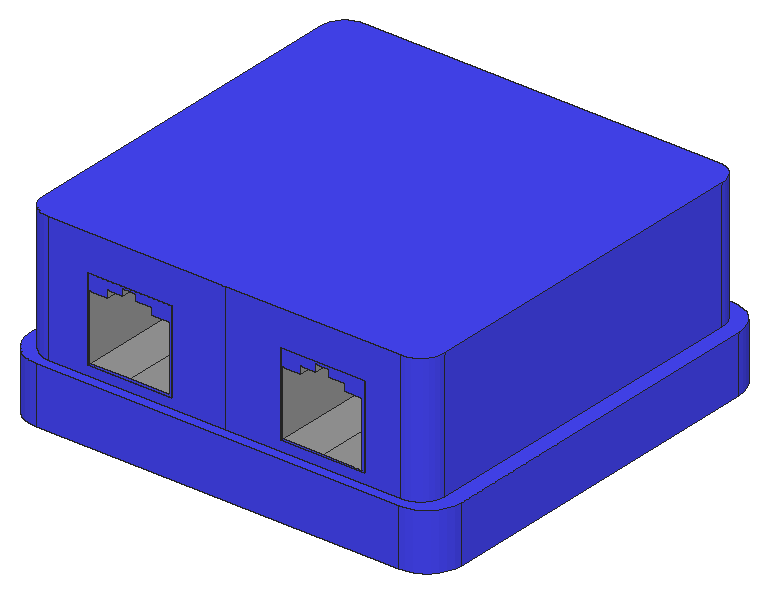
Revit family "ITK_Розетка информационная GENERICA_Настенная_2 порта_IP20", category Обобщенные модели, Revit 2019
Family settings
  Может служить основой для арматурных стержней = Нет
  Размер круглого соединителя = Использовать диаметр
  Тип детали = Нормальный
  На основе рабочей плоскости = Нет
  Всегда вертикально = Да
  При загрузке вырезать с полостями = Нет
  Общий = Нет
  Точка расчета площади = Нет
Parameters (values of type "Категория 5E_UTP")
  Ширина = 62 mm  # constant formula
  Степень защиты = "IP20"  # constant formula
  Материал = Окраска - RAL 9005
  Изготовитель = "ITK"  # constant formula
  Дата изменения = ""
  Глубина = 60 mm  # constant formula
  Высота = 26.5 mm  # constant formula
  URL = "https://www.iek.ru/"
  KSI_CPr_Строительные изделия = ""
  KSI_CMa_Строительные материалы = "01.7.14.03"  # constant formula
  IEK_Цена за единицу = 194.39
  IEK_Поиск в таблице имен = ""
  IEK_Описание = "Используется для подключения оконечного оборудования пользователей на рабочих местах к информационной сети."
  IEK_URL = "https://generica.su/catalog/?page=detail&article=CS2-1C5EU-22-G"
  ADSK_Примечание = ""
  ADSK_Позиция [instance] = ""
  ADSK_Наименование = "Розетка инф. настенная RJ45 кат. 5Е UTP 2 порта GENERICA"
  ADSK_Материал обозначение = ""
  ADSK_Материал наименование = "АБС-пластик"  # constant formula
  ADSK_Масса = 0
  ADSK_Марка = ""  # constant formula
  ADSK_Код изделия = "CS2-1C5EU-22-G"
  ADSK_Завод-изготовитель = "IEK"  # constant formula
  ADSK_Единица измерения = "шт"  # constant formula
  ADSK_Группирование = "I. ЩИТЫ И ПУЛЬТЫ"  # constant formula
  ADSK_Версия семейства = "1.0"  # constant formula
  ADSK_Версия Revit = "2019"  # constant formula
  ADSK_URL страницы изделия = "https://generica.su/catalog/?page=section&id=4935"
Types (2, lengths in mm): name | IEK_Цена за единицу | IEK_URL | ADSK_Наименование | ADSK_Код изделия
  Категория 5E_FTP | 261.2 | "https://generica.su/catalog/?page=detail&article=CS2-1C5EF-22-G" | "Розетка инф. настенная RJ45 кат. 5Е FTP 2 порта GENERICA" | "CS2-1C5EF-22-G"
  Категория 5E_UTP | 194.39 | "https://generica.su/catalog/?page=detail&article=CS2-1C5EU-22-G" | "Розетка инф. настенная RJ45 кат. 5Е UTP 2 порта GENERICA" | "CS2-1C5EU-22-G"
Reference planes
  plane 1 "По центру (Вперед/Назад)": y = -5.683
  plane 2: z = 0
  plane 3 "По центру (Влево/Вправо)": x = 0
  plane 4: y = 24.317
  plane 5: y = -35.683
  plane 6: x = -31
  plane 7: x = 31
  plane 8: z = 26.5
Forms (mm)
  Extrusion 1, solid, material "Пластик белый", detail levels fine
    sketch origin (0, 0, 0) x (1, 0, 0) y (0, 1, 0)
      loop
        line (-31, 19.119) -> (-31, -30.683)
        arc (-31, -30.683) -> (-29.536, -34.219) -> (-26, -35.683) r 5
        line (-26, -35.683) -> (26, -35.683)
        arc (26, -35.683) -> (29.536, -34.219) -> (31, -30.683) r 5
        line (31, -30.683) -> (31, 19.119)
        arc (31, 19.119) -> (29.536, 22.655) -> (26, 24.119) r 5
        line (26, 24.119) -> (-26, 24.119)
        arc (-26, 24.119) -> (-29.536, 22.655) -> (-31, 19.119) r 5
    from 8.1 to 0
  Extrusion 2, void
    sketch origin (0, 0, 0) x (1, 0, 0) y (0, 1, 0)
      loop
        line (-29.024, 19.091) -> (-29.024, -30.654)
        arc (-29.024, -30.654) -> (-27.99, -33.15) -> (-25.495, -34.183) r 3.529
        line (-25.495, -34.183) -> (-0.469, -34.183) -> (25.102, -34.183)
        arc (25.102, -34.183) -> (27.597, -33.15) -> (28.63, -30.654) r 3.529
        line (28.63, -30.654) -> (28.63, 19.091)
        arc (28.63, 19.091) -> (27.597, 21.586) -> (25.102, 22.619) r 3.529
        line (25.102, 22.619) -> (-25.495, 22.619)
        arc (-25.495, 22.619) -> (-27.99, 21.586) -> (-29.024, 19.091) r 3.529
    from 8.1 to 2
  Extrusion 3, solid, material "Пластик белый", detail levels fine
    sketch origin (0, 0, 0) x (1, 0, 0) y (0, 1, 0)
      loop
        arc (-29.024, -30.654) -> (-27.99, -33.15) -> (-25.495, -34.183) r 3.529
        line (-25.495, -34.183) -> (0.005, -34.183) -> (25.102, -34.183)
        arc (25.102, -34.183) -> (27.597, -33.15) -> (28.63, -30.654) r 3.529
        line (28.63, -30.654) -> (28.63, 19.091)
        arc (28.63, 19.091) -> (27.597, 21.586) -> (25.102, 22.619) r 3.529
        line (25.102, 22.619) -> (-25.495, 22.619)
        arc (-25.495, 22.619) -> (-27.99, 21.586) -> (-29.024, 19.091) r 3.529
        line (-29.024, 19.091) -> (-29.024, -30.654)
    from 2 to 26.5
  Extrusion 4, void
    sketch origin (0, 0, 0) x (1, 0, 0) y (0, 1, 0)
      loop
        line (-26.867, 19.317) -> (-26.867, -30.683)
        arc (-26.867, -30.683) -> (-26.281, -32.097) -> (-24.867, -32.683) r 2
        line (-24.867, -32.683) -> (24.459, -32.683)
        arc (24.459, -32.683) -> (25.873, -32.097) -> (26.459, -30.683) r 2
        line (26.459, -30.683) -> (26.459, 19.317)
        arc (26.459, 19.317) -> (25.873, 20.731) -> (24.459, 21.317) r 2
        line (24.459, 21.317) -> (-24.867, 21.317)
        arc (-24.867, 21.317) -> (-26.281, 20.731) -> (-26.867, 19.317) r 2
    from 2 to 23.5
  Extrusion 5, void
    sketch origin (0, -5.683, 0) x (1, 0, 0) y (0, 0, 1)
      loop
        line (-7.8, 9.5) -> (-7.8, 21.35) -> (-19.9, 21.35) -> (-19.9, 9.5) -> (-7.8, 9.5)
      loop
        line (7.8, 9.5) -> (19.9, 9.5) -> (19.9, 21.35) -> (7.8, 21.35) -> (7.8, 9.5)
    from 27 to 28.5
  Extrusion 6, solid, material "Окраска - RAL 9005" <- "Материал", detail levels fine
    sketch origin (0, -5.683, 0) x (1, 0, 0) y (0, 0, 1)
      loop
        line (-7.8, 21.35) -> (-19.9, 21.35) -> (-19.9, 9.5) -> (-7.8, 9.5) -> (-7.8, 21.35)
      loop
        line (7.8, 9.5) -> (19.9, 9.5) -> (19.9, 21.35) -> (7.8, 21.35) -> (7.8, 9.5)
    from -7.773 to 28.5
  Extrusion 7, void
    sketch origin (0, -5.683, 0) x (1, 0, 0) y (0, 0, 1)
      loop
        line (-13.85, 21.092) -> (-14.78, 21.092) -> (-14.78, 20.124) -> (-16.986, 20.124) -> (-16.986, 19.075) -> (-19.541, 19.075) -> (-19.541, 9.742) -> (-13.85, 9.742) -> (-8.159, 9.742) -> (-8.159, 19.075) -> (-10.714, 19.075) -> (-10.714, 20.124) -> (-12.92, 20.124) -> (-12.92, 21.092) -> (-13.85, 21.092)
      loop
        line (13.85, 21.092) -> (12.92, 21.092) -> (12.92, 20.124) -> (10.714, 20.124) -> (10.714, 19.075) -> (8.159, 19.075) -> (8.159, 9.742) -> (13.85, 9.742) -> (19.541, 9.742) -> (19.541, 19.075) -> (16.986, 19.075) -> (16.986, 20.124) -> (14.78, 20.124) -> (14.78, 21.092) -> (13.85, 21.092)
    from 2 to 28.5
  Extrusion 8, solid, material "Условный материал-отделка", detail levels coarse+medium
    sketch origin (0, 0, 0) x (1, 0, 0) y (0, 1, 0)
      loop
        line (-31, 24.317) -> (-31, -35.683) -> (31, -35.683) -> (31, 24.317) -> (-31, 24.317)
    from 0 to 26.5 <- "Высота"
  Extrusion 9, void
    sketch origin (0, -5.683, 0) x (1, 0, 0) y (0, 0, 1)
      loop
        line (0, 6.029) -> (3.022, 6.029) -> (3.022, 11.986)
        arc (3.022, 11.986) -> (0, 15.008) -> (-3.022, 11.986) r 3.022
        line (-3.022, 11.986) -> (-3.022, 6.029) -> (0, 6.029)
    from -27 to -34.337
Cuts and joins
  Extrusion 2, Extrusion 4 cuts Extrusion 1
  Extrusion 4, Extrusion 5, Extrusion 9 cuts Extrusion 3
  Extrusion 7 cuts Extrusion 6
  Extrusion 9 cuts Extrusion 8
Dimensions and locks
  equal spacing: plane 4, plane 1 "По центру (Вперед/Назад)", plane 5
  "Глубина": plane 4 to plane 5
  equal spacing: plane 6, plane 3 "По центру (Влево/Вправо)", plane 7
  "Ширина": plane 6 to plane 7
  "Высота": plane 8 to level
  aligned and locked: level to plane 2
  aligned and locked: Extrusion 1 to plane 5
  aligned and locked: Extrusion 5 to cut or joined group of Extrusion 3, Extrusion 4, Extrusion 5, Extrusion 9
  aligned and locked: Extrusion 6 sketch curve to cut or joined group of Extrusion 3, Extrusion 4, Extrusion 5, Extrusion 9  (x8)
  aligned and locked: Extrusion 1 to plane 6
  aligned and locked: plane 7 to Extrusion 1
  aligned and locked: Extrusion 3 to cut or joined group of Extrusion 1, Extrusion 2, Extrusion 4
  aligned and locked: Extrusion 2 to cut or joined group of Extrusion 3, Extrusion 4, Extrusion 5, Extrusion 9
  aligned and locked: cut or joined group of Extrusion 3, Extrusion 4, Extrusion 5, Extrusion 9 to plane 8
Automatic sketch dimensions
  Extrusion 1 sketch curve to plane 5 = 0 mm
  Extrusion 1 sketch curve to plane 4 = 5.197 mm  (x2)
  Extrusion 1 sketch curve to plane 3 "По центру (Влево/Вправо)" = 31 mm
  Extrusion 1 sketch curve to plane 4 = 0.197 mm
  Extrusion 1 sketch curve to Extrusion 1 sketch curve = 5 mm
  plane 3 "По центру (Влево/Вправо)" to Extrusion 1 sketch curve = 26 mm  (x2)
  plane 5 to Extrusion 2 sketch curve = 5.029 mm  (x2)
  Extrusion 2 sketch curve to plane 3 "По центру (Влево/Вправо)" = 29.024 mm
  Extrusion 2 sketch curve to Extrusion 2 sketch curve = 3.529 mm  (x2)
  Extrusion 2 sketch curve to plane 3 "По центру (Влево/Вправо)" = 0.469 mm
  Extrusion 2 sketch curve to plane 4 = 5.226 mm
  plane 3 "По центру (Влево/Вправо)" to Extrusion 2 sketch curve = 25.102 mm  (x2)
  Extrusion 3 sketch curve to Extrusion 3 sketch curve = 3.529 mm  (x4)
  plane 3 "По центру (Влево/Вправо)" to Extrusion 3 sketch curve = 0.005 mm
  plane 5 to Extrusion 3 sketch curve = 5.029 mm
  level to Extrusion 5 sketch curve = 9.5 mm  (x2)
  Extrusion 5 sketch curve to plane 3 "По центру (Влево/Вправо)" = 19.9 mm
  Extrusion 5 sketch curve to plane 3 "По центру (Влево/Вправо)" = 7.8 mm
  plane 3 "По центру (Влево/Вправо)" to Extrusion 5 sketch curve = 7.8 mm
  Extrusion 5 sketch curve to Extrusion 5 sketch curve = 12.1 mm
  Extrusion 5 sketch curve to Extrusion 5 sketch curve = 11.85 mm  (x2)
  level to Extrusion 7 sketch curve = 9.742 mm  (x2)
  Extrusion 7 sketch curve to plane 3 "По центру (Влево/Вправо)" = 19.541 mm
  Extrusion 7 sketch curve to Extrusion 7 sketch curve = 2.555 mm  (x3)
  Extrusion 7 sketch curve to Extrusion 7 sketch curve = 2.205 mm  (x4)
  Extrusion 7 sketch curve to Extrusion 7 sketch curve = 0.93 mm  (x4)
  Extrusion 7 sketch curve to Extrusion 7 sketch curve = 5.691 mm  (x3)
  plane 3 "По центру (Влево/Вправо)" to Extrusion 7 sketch curve = 8.159 mm
  Extrusion 7 sketch curve to Extrusion 7 sketch curve = 9.333 mm  (x2)
  Extrusion 7 sketch curve to Extrusion 7 sketch curve = 0 mm  (x2)
  Extrusion 7 sketch curve to Extrusion 7 sketch curve = 1.049 mm  (x4)
  Extrusion 7 sketch curve to Extrusion 7 sketch curve = 0.968 mm  (x2)
  plane 6 to Extrusion 3 sketch curve = 5.505 mm
  Extrusion 3 sketch curve to plane 7 = 5.898 mm
  Extrusion 3 sketch curve to plane 4 = 5.226 mm
  Extrusion 8 sketch curve to plane 5 = 0 mm
  Extrusion 8 sketch curve to plane 6 = 0 mm
  Extrusion 8 sketch curve to plane 7 = 0 mm
  Extrusion 8 sketch curve to plane 4 = 0 mm
  Extrusion 9 sketch curve to plane 3 "По центру (Влево/Вправо)" = 0 mm  (x2)
  plane 3 "По центру (Влево/Вправо)" to Extrusion 9 sketch curve = 3.022 mm
  level to Extrusion 9 sketch curve = 6.029 mm
  Extrusion 9 sketch curve to Extrusion 9 sketch curve = 5.957 mm
